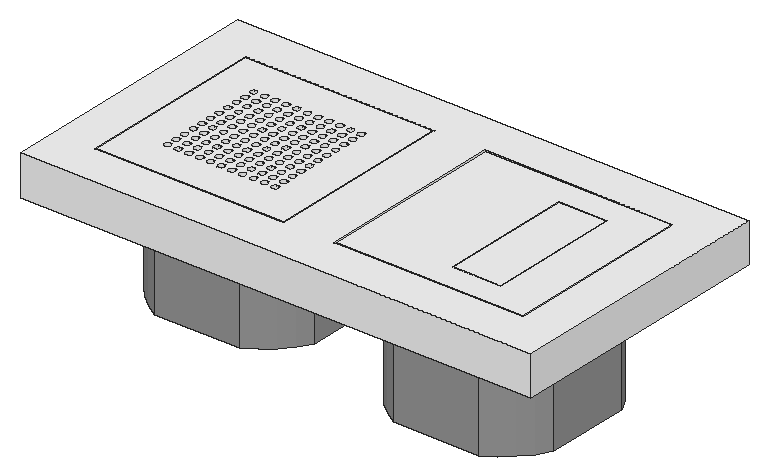
Revit family "Gira_228001", category Electrical Fixtures, host Face, Revit 2017
Family settings
  Host = Face
  Maintain Annotation Orientation = Yes
  Round Connector Dimension = Use Diameter
  Part Type = Normal
  Cut with Voids When Loaded = No
  Shared = No
  Room Calculation Point = No
Parameters (values of type "UP-Radio RDS Lautsprecher System 55 Cremeweiß")
  Zusammenstellung = "Basiselement mit Gehäuse-Oberteil"
  Werkstoffgüte = "sonstige"
  Werkstoff = "sonstige"
  URL = "http://katalog.gira.de/de_DE/datenblatt.html?artikelnr=228001"
  Region = "DE"
  RAL-Nummer (ähnlich) = "1013 "
  Oberfläche = "sonstige"
  Name = "UP-Radio RDS Lautsprecher System 55 Cremeweiß"
  Montageart = "unter Putz"
  Manufacturer URL = "https://www.gira.de/"
  Keynote = "Sys55_Komplettgerät_UP-Radio"
  HeinzeBIM = "https://bimportal.heinze.de/bim/up-radio-rds-lautsprecher-system-55-cremeweiss/d037739157488f0b74628bbc0562709210f4a494"
  Halogenfrei = "Yes"
  HAN = "228001"
  GTIN = "4010337067986"
  Farbe = "cremeweiß (elektroweiß)"
  Default Elevation = 1219.2 mm
  Data sheet (1) = "https://katalog.gira.de/de_DE/download.html?artikelnr=228001"
  Category = "Elektronik-Gerät für Installationsschalterprogramme"
  Befestigungsart = "Krallen-/Schraubbefestigung"
  Available = "Yes"
  Ausführung der Oberfläche = "glänzend"
  Ausführung = "Radio (*en-EN)"
Reference planes
  plane 1 "Center (Front/Back)": y = 0
  plane 2 "Reference Level 0": z = 0
  plane 3 "Center (Left/Right)": x = 0
  plane 4 "Reference Level 1": z = 11.9
Forms (mm)
  Extrusion 1, solid, material "White", detail levels medium+fine
    sketch origin (0, 0, 0) x (1, 0, 0) y (0, 1, 0)
      loop
        line (-75.892, 40.342) -> (-75.892, -40.342) -> (75.892, -40.342) -> (75.892, 40.342) -> (-75.892, 40.342)
      loop
        line (-7.45, 28.1) -> (-63.65, 28.1) -> (-63.65, -28.1) -> (-7.45, -28.1) -> (-7.45, 28.1)
      loop
        line (7.45, 28.1) -> (7.45, -28.1) -> (63.65, -28.1) -> (63.65, 28.1) -> (7.45, 28.1)
    from 0 to 11.9
  Extrusion 2, solid, material "White", detail levels fine
    sketch origin (0, 0, 0) x (1, 0, 0) y (0, 1, 0)
      loop
        circle (-19.55, 16) r 1
      loop
        circle (-22.75, 16) r 1
      loop
        circle (-25.95, 16) r 1
      loop
        circle (-29.15, 16) r 1
      loop
        circle (-32.35, 16) r 1
      loop
        circle (-35.55, 16) r 1
      loop
        circle (-38.75, 16) r 1
      loop
        circle (-41.95, 16) r 1
      loop
        circle (-45.15, 16) r 1
      loop
        circle (-48.35, 16) r 1
      loop
        circle (-51.55, 16) r 1
      loop
        circle (-19.55, 12.8) r 1
      loop
        circle (-22.75, 12.8) r 1
      loop
        circle (-25.95, 12.8) r 1
      loop
        circle (-29.15, 12.8) r 1
      loop
        circle (-32.35, 12.8) r 1
      loop
        circle (-35.55, 12.8) r 1
      loop
        circle (-38.75, 12.8) r 1
      loop
        circle (-41.95, 12.8) r 1
      loop
        circle (-45.15, 12.8) r 1
      loop
        circle (-48.35, 12.8) r 1
      loop
        circle (-51.55, 12.8) r 1
      loop
        circle (-19.55, 9.6) r 1
      loop
        circle (-22.75, 9.6) r 1
      loop
        circle (-25.95, 9.6) r 1
      loop
        circle (-29.15, 9.6) r 1
      loop
        circle (-32.35, 9.6) r 1
      loop
        circle (-35.55, 9.6) r 1
      loop
        circle (-38.75, 9.6) r 1
      loop
        circle (-41.95, 9.6) r 1
      loop
        circle (-45.15, 9.6) r 1
      loop
        circle (-48.35, 9.6) r 1
      loop
        circle (-51.55, 9.6) r 1
      loop
        circle (-19.55, 6.4) r 1
      loop
        circle (-22.75, 6.4) r 1
      loop
        circle (-25.95, 6.4) r 1
      loop
        circle (-29.15, 6.4) r 1
      loop
        circle (-32.35, 6.4) r 1
      loop
        circle (-35.55, 6.4) r 1
      loop
        circle (-38.75, 6.4) r 1
      loop
        circle (-41.95, 6.4) r 1
      loop
        circle (-45.15, 6.4) r 1
      loop
        circle (-48.35, 6.4) r 1
      loop
        circle (-51.55, 6.4) r 1
      loop
        circle (-19.55, 3.2) r 1
      loop
        circle (-22.75, 3.2) r 1
      loop
        circle (-25.95, 3.2) r 1
      loop
        circle (-29.15, 3.2) r 1
      loop
        circle (-32.35, 3.2) r 1
      loop
        circle (-35.55, 3.2) r 1
      loop
        circle (-38.75, 3.2) r 1
      loop
        circle (-41.95, 3.2) r 1
      loop
        circle (-45.15, 3.2) r 1
      loop
        circle (-48.35, 3.2) r 1
      loop
        circle (-51.55, 3.2) r 1
      loop
        circle (-19.55, 0) r 1
      loop
        circle (-22.75, 0) r 1
      loop
        circle (-25.95, 0) r 1
      loop
        circle (-29.15, 0) r 1
      loop
        circle (-32.35, 0) r 1
      loop
        circle (-35.55, 0) r 1
      loop
        circle (-38.75, 0) r 1
      loop
        circle (-41.95, 0) r 1
      loop
        circle (-45.15, 0) r 1
      loop
        circle (-48.35, 0) r 1
      loop
        circle (-51.55, 0) r 1
      loop
        circle (-19.55, -3.2) r 1
      loop
        circle (-22.75, -3.2) r 1
      loop
        circle (-25.95, -3.2) r 1
      loop
        circle (-29.15, -3.2) r 1
      loop
        circle (-32.35, -3.2) r 1
      loop
        circle (-35.55, -3.2) r 1
      loop
        circle (-38.75, -3.2) r 1
      loop
        circle (-41.95, -3.2) r 1
      loop
        circle (-45.15, -3.2) r 1
      loop
        circle (-48.35, -3.2) r 1
      loop
        circle (-51.55, -3.2) r 1
      loop
        circle (-19.55, -6.4) r 1
      loop
        circle (-22.75, -6.4) r 1
      loop
        circle (-25.95, -6.4) r 1
      loop
        circle (-29.15, -6.4) r 1
      loop
        circle (-32.35, -6.4) r 1
      loop
        circle (-35.55, -6.4) r 1
      loop
        circle (-38.75, -6.4) r 1
      loop
        circle (-41.95, -6.4) r 1
      loop
        circle (-45.15, -6.4) r 1
      loop
        circle (-48.35, -6.4) r 1
      loop
        circle (-51.55, -6.4) r 1
      loop
        circle (-19.55, -9.6) r 1
      loop
        circle (-22.75, -9.6) r 1
      loop
        circle (-25.95, -9.6) r 1
      loop
        circle (-29.15, -9.6) r 1
      loop
        circle (-32.35, -9.6) r 1
      loop
        circle (-35.55, -9.6) r 1
      loop
        circle (-38.75, -9.6) r 1
      loop
        circle (-41.95, -9.6) r 1
      loop
        circle (-45.15, -9.6) r 1
      loop
        circle (-48.35, -9.6) r 1
      loop
        circle (-51.55, -9.6) r 1
      loop
        circle (-19.55, -12.8) r 1
      loop
        circle (-22.75, -12.8) r 1
      loop
        circle (-25.95, -12.8) r 1
      loop
        circle (-29.15, -12.8) r 1
      loop
        circle (-32.35, -12.8) r 1
      loop
        circle (-35.55, -12.8) r 1
      loop
        circle (-38.75, -12.8) r 1
      loop
        circle (-41.95, -12.8) r 1
      loop
        circle (-45.15, -12.8) r 1
      loop
        circle (-48.35, -12.8) r 1
      loop
        circle (-51.55, -12.8) r 1
      loop
        circle (-19.55, -16) r 1
      loop
        circle (-22.75, -16) r 1
      loop
        circle (-25.95, -16) r 1
      loop
        circle (-29.15, -16) r 1
      loop
        circle (-32.35, -16) r 1
      loop
        circle (-35.55, -16) r 1
      loop
        circle (-38.75, -16) r 1
      loop
        circle (-41.95, -16) r 1
      loop
        circle (-45.15, -16) r 1
      loop
        circle (-48.35, -16) r 1
      loop
        circle (-51.55, -16) r 1
      loop
        line (-63.25, 27.7) -> (-63.25, -27.7) -> (-7.85, -27.7) -> (-7.85, 27.7) -> (-63.25, 27.7)
    from 0 to 11.9
  Extrusion 3, solid, material "White", detail levels fine
    sketch origin (0, 0, 0) x (1, 0, 0) y (0, 1, 0)
      loop
        line (7.95, 27.7) -> (7.95, -27.7) -> (63.35, -27.7) -> (63.35, 27.7) -> (7.95, 27.7)
      loop
        line (35.999, -19.679) -> (50.301, -19.679) -> (50.229, 19.679) -> (36.071, 19.679) -> (35.999, -19.679)
    from 0 to 11.9
  Extrusion 4, solid, material "White", detail levels fine
    sketch origin (0, 0, 0) x (1, 0, 0) y (0, 1, 0)
      loop
        line (35.999, -19.679) -> (50.301, -19.679) -> (50.229, 19.679) -> (36.071, 19.679) -> (35.999, -19.679)
    from 0 to 11.9
  Extrusion 5, solid, material "White", detail levels medium
    sketch origin (0, 0, 0) x (1, 0, 0) y (0, 1, 0)
      loop
        line (-63.65, 28.1) -> (-63.65, -28.1) -> (-7.45, -28.1) -> (-7.45, 28.1) -> (-63.65, 28.1)
    from 0 to 11.9
  Extrusion 6, solid, material "White", detail levels medium
    sketch origin (0, 0, 0) x (1, 0, 0) y (0, 1, 0)
      loop
        line (7.45, 28.1) -> (7.45, -28.1) -> (63.65, -28.1) -> (63.65, 28.1) -> (7.45, 28.1)
    from 0 to 11.9
  Extrusion 7, solid, material "Grey", detail levels fine
    sketch origin (0, 0, 0) x (1, 0, 0) y (0, 1, 0)
      loop
        arc (10.55, -12.61) -> (15.751, -19.799) -> (22.94, -25) r 28
        line (22.94, -25) -> (48.16, -25)
        arc (48.16, -25) -> (55.349, -19.799) -> (60.55, -12.61) r 28
        line (60.55, -12.61) -> (60.55, 12.61)
        arc (60.55, 12.61) -> (55.349, 19.799) -> (48.16, 25) r 28
        line (48.16, 25) -> (22.94, 25)
        arc (22.94, 25) -> (15.751, 19.799) -> (10.55, 12.61) r 28
        line (10.55, 12.61) -> (10.55, -12.61)
    from 0 to -31.7
  Extrusion 8, solid, material "Grey", detail levels fine
    sketch origin (0, 0, 0) x (-1, 0, 0) y (0, -1, 0)
      loop
        line (10.55, 12.61) -> (10.55, -12.61)
        arc (10.55, -12.61) -> (15.751, -19.799) -> (22.94, -25) r 28
        line (22.94, -25) -> (48.16, -25)
        arc (48.16, -25) -> (55.349, -19.799) -> (60.55, -12.61) r 28
        line (60.55, -12.61) -> (60.55, 12.61)
        arc (60.55, 12.61) -> (55.349, 19.799) -> (48.16, 25) r 28
        line (48.16, 25) -> (22.94, 25)
        arc (22.94, 25) -> (15.751, 19.799) -> (10.55, 12.61) r 28
    from 0 to -28
  Extrusion 9, solid, detail levels medium
    sketch origin (0, 0, 0) x (-1, 0, 0) y (0, -1, 0)
      loop
        line (10.55, 25) -> (10.55, -25) -> (60.55, -25) -> (60.55, 25) -> (10.55, 25)
    from 0 to -28
  Extrusion 10, solid, detail levels medium
    sketch origin (0, 0, 0) x (1, 0, 0) y (0, 1, 0)
      loop
        line (10.55, -25) -> (60.55, -25) -> (60.55, 25) -> (10.55, 25) -> (10.55, -25)
    from 0 to -31.7
  Extrusion 11, solid, material "Grey", detail levels coarse
    sketch origin (0, 0, 0) x (1, 0, 0) y (0, 1, 0)
      loop
        line (-75.892, 40.342) -> (-75.892, -40.342) -> (75.892, -40.342) -> (75.892, 40.342) -> (-75.892, 40.342)
    from -31.7 to 11.9
Cuts and joins
  joined: Extrusion 7, Extrusion 8
  joined: Extrusion 9, Extrusion 10
Dimensions and locks
  aligned and locked: plane 2 "Reference Level 0" to host face
  aligned and locked: level to host face
Nested families
  nested 1: "Radio Beschriftung" at (0, 0, 0) x (0, 1, 0) z (0, 0, 1), type "Radio Beschriftung"
Connectors
  electrical at (-35.55, 0, -28)
    settings: on cut or joined group of Extrusion 7, Extrusion 8, index 1, voltage 220 V, apparent load 0 VA, apparent load phase1 0 VA, apparent load phase2 0 VA, apparent load phase3 0 VA, power factor 1, load classification "Other", number of poles 1, system type 31, power factor state 1, is connector primary yes, connector utility no, sub classification motor no, connector description ""
Definition of nested family "Radio Beschriftung"
  Reference planes
    plane 1: y = 0
    plane 2: x = 0
  Lines and regions (mm)
    detail lines
      curve 1: line (0, 1, 0) -> (3, 1, 0)
      curve 2: line (0, -1, 0) -> (0, 1, 0)
      curve 3: line (3, -1, 0) -> (0, -1, 0)
      curve 4: line (3, 1, 0) -> (3, -1, 0)
      curve 5: line (2, 1, 0) -> (2, -1, 0)
      curve 6: line (3, 1, 0) -> (2, 0.49, 0)
      curve 7: line (3, -1, 0) -> (2, -0.49, 0)
  Dimensions and locks
    curve 2 to curve 4 = 3 mm
    curve 3 to curve 1 = 2 mm
